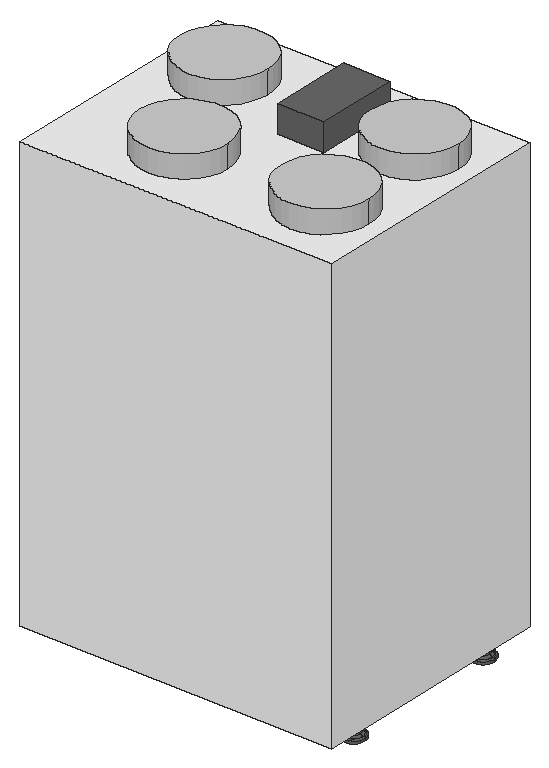
Revit family "BLAUBERG-KOMFORT_EC_SB250", category Mechanical Equipment, Revit 2019
Family settings
  Round Connector Dimension = Use Diameter
  Classification = None
  Part Type = Normal
  OmniClass Number = 23.75.35.14
  OmniClass Title = Air Handling Units
  Work Plane-Based = No
  Always vertical = Yes
  Cut with Voids When Loaded = No
  Shared = No
  Room Calculation Point = No
Parameters (values of type "KOMFORT EC SB250 S14")
  dLFeets = 22 mm
  dBFeets = 78 mm
  Weight = 51.00 kg
  Standard Service Side [instance] = no
  ServiceDoorB = 20 mm  # constant formula
  Service Side 2 [instance] = Standard Service Side  # no
  Service Side 1 [instance] = not(Standard Service Side)  # yes
  Maintenance Zone Side 2 [instance] = if(Maintenance Zone, (if(not(Standard Service Side), 1 = 1, 1 = 0)), 1 = 0)  # no
  Maintenance Zone Side 1 [instance] = if(Maintenance Zone, (if(Standard Service Side, 1 = 1, 1 = 0)), 1 = 0)  # no
  Plastic Material = Polypropylene Black
  Maximum Unit Power = 115 W
  Unit Current = 0.9 A
  Leveling Feets Height Calc [instance] = if(Leveling Feets Height < 23 mm, 23 mm, Leveling Feets Height)  # 23 mm
  Leveling Feets Height [instance] = 23 mm
  L3 = 110 mm
  L2 = 90 mm
  L1 = 110 mm
  Heat Exchanger Material = "polystyrene"
  HDuctCon = 41 mm  # constant formula
  H = 790 mm
  Front Maintenance Zone Width = H  # 790 mm
  Front Maintenance Zone Length = L  # 567 mm
  FilterCoverL = 82 mm  # constant formula
  FilterCoverH = 258 mm  # constant formula
  ElConB = 130 mm
  ElConA = 315 mm
  ElBoxB = 150 mm
  ElBoxA = 85 mm
  DrainPipeD = if(Drain Connection Diameter = 0 mm, 1 mm, Drain Connection Diameter)  # 18 mm
  DrainPipe = yes
  DrainConB = 136 mm
  Drain Flow [instance] = 0.0 L/s
  Drain Connection Diameter = 18 mm
  BackFeetD = 20 mm  # constant formula
  B3 = 136 mm
  B2 = 204 mm
  Air Flow Factor [instance] = 1  # constant formula
  B1 = 123 mm
  L = 567 mm
  Voltage = 230 V
  URL = "https://blaubergventilatoren.de/en/product/komfort-ec-sb250-s14"
  Type Comments = "Air Handling Unit KOMFORT EC SB250 S14"
  Transported Air Temperature (°C) = "-25…+40"
  Supply Air Filter = "G4,F7"
  Sound Pressure Level at 3 m (dBA) = 25
  SEC Class = "A+"
  RPM (min-1) = 2050
  Power Factor = 1
  Power = Maximum Unit Power  # 115 W
  Number of Poles = 1
  Model = "KOMFORT EC SB250 S14"
  Maximum Air Flow = 290 m³/h
  Manufacturer = "Blauberg"
  Maintenance Zone Material = Maintenance Zone
  Front Maintenance Zone Height = 500 mm
  Maintenance Zone [instance] = no
  Load Classification = HVAC
  B = 450 mm
  Heat recovery efficiency (%) = "85..94"
  Heat Exchanger Type = "counter-flow"
  Metal Material = Metal Zinc
  Family Version = "1.0"  # constant formula
  Extract Air Filter = "G4"
  Duct Connection Diameter = 160 mm
  Description = "Air Handling Unit"
  D = Duct Connection Diameter  # 160 mm
  Current = Unit Current  # 0.9 A
  Copyright = "©Blauberg"
  Casing Material = Painted Steel White
  Apparent Power [instance] = Power / Power Factor  # 115 VA
  Air Flow Supply [instance] = 0 m³/h
  Air Flow Exhaust [instance] = 0 m³/h
Types (4, lengths in mm): name | Heat Exchanger Material | DrainPipeD | DrainPipe | Drain Connection Diameter | URL | Type Comments | Model | Heat recovery efficiency (%)
  KOMFORT EC SB250 S21 | "polystyrene" | 18 | yes | 18 | "https://blaubergventilatoren.de/en/product/komfort-ec-sb250-e-s21" | "Air Handling Unit KOMFORT EC SB250 S21" | "KOMFORT EC SB250 S21" | "85..94"
  KOMFORT EC SB250 S14 | "polystyrene" | 18 | yes | 18 | "https://blaubergventilatoren.de/en/product/komfort-ec-sb250-s14" | "Air Handling Unit KOMFORT EC SB250 S14" | "KOMFORT EC SB250 S14" | "85..94"
  KOMFORT EC SB250-E S21 | "enthalpy" | 1 | no | 0 | "https://blaubergventilatoren.de/en/product/komfort-ec-sb250-e-s21" | "Air Handling Unit KOMFORT EC SB250-E S21" | "KOMFORT EC SB250-E S21" | "77..90"
  KOMFORT EC SB250-E S14 | "enthalpy" | 1 | no | 0 | "https://blaubergventilatoren.de/en/product/komfort-ec-sb250-e-s14" | "Air Handling Unit KOMFORT EC SB250-E S14" | "KOMFORT EC SB250-E S14" | "77..90"
Reference planes
  plane 1 "Center (Front/Back)": y = 0
  plane 2: z = 0
  plane 3 "Center (Left/Right)": x = 0
  plane 4 "Right": x = 283.5
  plane 5 "Front": y = -225
  plane 6 "Left": x = -283.5
  plane 7 "Top": z = 813
  plane 8 "Back": y = 225
  plane 9 "DuctConL2": x = -83.5
  plane 10 "DuctConB1": y = 102
  plane 11 "DuctConB2": y = -102
  plane 12 "DuctConB3": z = 854
  plane 13 "DuctConB4": z = 863
  plane 14 "Bottom": z = 23
  plane 15 "FeetsL1": x = -261.5
  plane 16 "FeetsL2": x = 261.5
  plane 17 "FeetsB1": y = 147
  plane 18 "FeetsB2": y = -147
  plane 19 "ElConA": x = 31.5
  plane 20 "FilterCoverH1": z = 281
  plane 21 "DuctConL3": x = 173.5
  plane 22 "DuctConL1": x = -173.5
  plane 23: x = -11
  plane 24: x = 74
  plane 25: y = 170
  plane 26: y = 20
  plane 27 "ElConB": y = 95
  plane 28 "FilterCoverL1": x = -201.5
  plane 29 "FilterCoverL2": x = 201.5
  plane 30 "ServiceDoorBack": y = 205
  plane 31 "ServiceDoorFront": y = -205
  plane 32 "DrainConB": x = -147.5
Forms (mm)
  Extrusion 1, solid, material "Painted Steel White" <- "Casing Material", detail levels medium+fine
    sketch origin (0, 377, 23) x (-1, 0, 0) y (0, -1, 0)
      loop
        line (283.5, 152) -> (283.5, 602) -> (-283.5, 602) -> (-283.5, 152) -> (283.5, 152)
    from 0 to 790
  Extrusion 2, solid, material "Metal Zinc" <- "Metal Material", detail levels medium+fine
    sketch origin (0, 0, 813) x (-1, 0, 0) y (0, -1, 0)
      loop
        circle (83.5, 102) r 80
      loop
        circle (-173.5, 102) r 80
      loop
        circle (-173.5, -102) r 80
      loop
        circle (173.5, -102) r 80
    from 0 to 41
  Extrusion 3, solid, material "Polypropylene Black" <- "Plastic Material", detail levels medium+fine
    sketch origin (0, 0, 813) x (-1, 0, 0) y (0, -1, 0)
      loop
        line (11, -170) -> (11, -20) -> (-74, -20) -> (-74, -170) -> (11, -170)
    from 0 to 50
  Extrusion 4, solid, material "Polypropylene Black" <- "Plastic Material", visible <- "DrainPipe", detail levels medium+fine
    sketch origin (0, 0, 23) x (-1, 0, 0) y (0, -1, 0)
      loop
        circle (147.5, 0) r 9
    from 0 to -35
Lines and regions (mm)
  model lines, detail levels coarse
    curve 1: line (-283.5, -225, 813) -> (-283.5, 225, 813)
    curve 2: line (283.5, -225, 813) -> (-283.5, -225, 813)
    curve 3: line (283.5, 225, 813) -> (283.5, -225, 813)
    curve 4: line (-283.5, -225, 23) -> (-283.5, 225, 23)
    curve 5: line (283.5, -225, 23) -> (-283.5, -225, 23)
    curve 6: line (283.5, 225, 23) -> (283.5, -225, 23)
    curve 7: line (-283.5, -225, 813) -> (283.5, -225, 813)
    curve 8: line (-283.5, -225, 23) -> (-283.5, -225, 813)
    curve 9: line (283.5, -225, 23) -> (-283.5, -225, 23)
    curve 10: line (283.5, -225, 813) -> (283.5, -225, 23)
    curve 11: line (-283.5, -225, 813) -> (-283.5, -225, 23)
    curve 12: line (283.5, -225, 813) -> (283.5, -225, 23)
    curve 13: line (-83.5, -102, 854) -> (-83.5, -102, 813)
    curve 14: line (-283.5, 225, 23) -> (283.5, 225, 23)
    curve 15: line (-283.5, 225, 813) -> (283.5, 225, 813)
    curve 16: line (-283.5, 225, 813) -> (-283.5, 225, 23)
    curve 17: line (283.5, 225, 813) -> (283.5, 225, 23)
    curve 18: line (-173.5, 102, 854) -> (-173.5, 102, 813)
    curve 19: line (173.5, 102, 854) -> (173.5, 102, 813)
    curve 20: line (173.5, -102, 854) -> (173.5, -102, 813)
Dimensions and locks
  "B": plane 8 "Back" to plane 5 "Front"
  equal spacing: plane 6 "Left", plane 3 "Center (Left/Right)", plane 4 "Right"
  "L": plane 6 "Left" to plane 4 "Right"
  "dBFeets": plane 8 "Back" to plane 17 "FeetsB1"
  "dBFeets": plane 18 "FeetsB2" to plane 5 "Front"
  "dLFeets": plane 6 "Left" to plane 15 "FeetsL1"
  "dLFeets": plane 16 "FeetsL2" to plane 4 "Right"
  "Leveling Feets Height Calc": plane 14 "Bottom" to level
  "HDuctCon": plane 12 "DuctConB3" to plane 7 "Top"
  "H": plane 7 "Top" to plane 14 "Bottom"
  "ElConA": plane 6 "Left" to plane 19 "ElConA"
  "B1": plane 11 "DuctConB2" to plane 5 "Front"
  "B2": plane 10 "DuctConB1" to plane 11 "DuctConB2"
  "L1": plane 6 "Left" to plane 22 "DuctConL1"
  equal spacing: plane 23, plane 19 "ElConA", plane 24
  "ElBoxA": plane 23 to plane 24
  "ElConB": plane 8 "Back" to plane 27 "ElConB"
  equal spacing: plane 25, plane 27 "ElConB", plane 26
  "ElBoxB": plane 25 to plane 26
  locked: plane 13 "DuctConB4" to plane 7 "Top" at 50
  "FilterCoverL": plane 6 "Left" to plane 28 "FilterCoverL1"
  "FilterCoverL": plane 29 "FilterCoverL2" to plane 4 "Right"
  "FilterCoverH": plane 20 "FilterCoverH1" to plane 14 "Bottom"
  "ServiceDoorB": plane 8 "Back" to plane 30 "ServiceDoorBack"
  "ServiceDoorB": plane 31 "ServiceDoorFront" to plane 5 "Front"
  "L2": plane 22 "DuctConL1" to plane 9 "DuctConL2"
  "L3": plane 21 "DuctConL3" to plane 4 "Right"
  equal spacing: plane 8 "Back", plane 1 "Center (Front/Back)", plane 5 "Front"
  "DrainConB": plane 6 "Left" to plane 32 "DrainConB"
  "D": diameter of Extrusion 2 sketch curve  (x4)
  "DrainPipeD": diameter of Extrusion 4 sketch curve
  aligned and locked: level to plane 2
  aligned and locked: plane 15 "FeetsL1" to nested 1
  aligned and locked: nested 1 to plane 17 "FeetsB1"
  aligned and locked: plane 16 "FeetsL2" to nested 2
  aligned and locked: nested 2 to plane 17 "FeetsB1"
  aligned and locked: nested 3 to plane 18 "FeetsB2"
  aligned and locked: plane 16 "FeetsL2" to nested 3
  aligned and locked: plane 15 "FeetsL1" to nested 4
  aligned and locked: nested 4 to plane 18 "FeetsB2"
  aligned and locked: Extrusion 1 sketch curve to plane 8 "Back"
  aligned and locked: plane 6 "Left" to Extrusion 1 sketch curve
  aligned and locked: plane 5 "Front" to Extrusion 1 sketch curve
  aligned and locked: Extrusion 1 sketch curve to plane 4 "Right"
  aligned and locked: plane 7 "Top" to Extrusion 1
  aligned and locked: plane 3 "Center (Left/Right)" to nested 5
  aligned and locked: nested 5 to plane 7 "Top"
  aligned and locked: curve 2 to Extrusion 1
  aligned and locked: curve 4 to curve 1
  aligned and locked: curve 5 to curve 2
  aligned and locked: curve 6 to nested 5
  aligned and locked: curve 8 to Extrusion 1
  aligned and locked: curve 10 to Extrusion 1
  aligned and locked: curve 11 to plane 5 "Front"
  aligned and locked: curve 12 to plane 5 "Front"
  aligned and locked: curve 13 to plane 11 "DuctConB2"
  aligned and locked: plane 12 "DuctConB3" to curve 13
  aligned and locked: plane 7 "Top" to curve 13
  aligned and locked: plane 8 "Back" to curve 3
  aligned and locked: plane 8 "Back" to curve 6
  aligned and locked: plane 6 "Left" to curve 14
  aligned and locked: curve 14 to plane 8 "Back"
  aligned and locked: plane 4 "Right" to curve 15
  aligned and locked: plane 6 "Left" to curve 15
  aligned and locked: curve 15 to plane 8 "Back"
  aligned and locked: plane 12 "DuctConB3" to Extrusion 2
  aligned and locked: Extrusion 3 sketch curve to plane 25
  aligned and locked: plane 23 to Extrusion 3 sketch curve
  aligned and locked: plane 26 to Extrusion 3 sketch curve
  aligned and locked: Extrusion 3 sketch curve to plane 24
  aligned and locked: plane 13 "DuctConB4" to Extrusion 3
  aligned and locked: plane 3 "Center (Left/Right)" to nested 6
  aligned and locked: nested 6 to plane 7 "Top"
  aligned and locked: plane 7 "Top" to curve 16
  aligned and locked: plane 14 "Bottom" to curve 16
  aligned and locked: plane 7 "Top" to curve 17
  aligned and locked: plane 14 "Bottom" to curve 17
  aligned and locked: plane 8 "Back" to curve 16
  aligned and locked: plane 8 "Back" to curve 17
  aligned and locked: plane 12 "DuctConB3" to curve 18
  aligned and locked: plane 12 "DuctConB3" to curve 19
  aligned and locked: plane 7 "Top" to curve 19
  aligned and locked: plane 7 "Top" to curve 18
  aligned and locked: curve 18 to plane 22 "DuctConL1"
  aligned and locked: curve 19 to plane 21 "DuctConL3"
  aligned and locked: plane 12 "DuctConB3" to curve 20
  aligned and locked: plane 7 "Top" to curve 20
  aligned and locked: curve 20 to plane 21 "DuctConL3"
  aligned and locked: plane 28 "FilterCoverL1" to nested 7
  aligned and locked: nested 7 to plane 20 "FilterCoverH1"
  aligned and locked: plane 29 "FilterCoverL2" to nested 8
  aligned and locked: plane 20 "FilterCoverH1" to nested 8
  aligned and locked: nested 9 to plane 29 "FilterCoverL2"
  aligned and locked: nested 9 to plane 20 "FilterCoverH1"
  aligned and locked: plane 20 "FilterCoverH1" to nested 10
  aligned and locked: nested 10 to plane 28 "FilterCoverL1"
Automatic sketch dimensions
  curve 11 to plane 14 "Bottom" = 0 mm
  curve 11 to plane 7 "Top" = 0 mm
  curve 12 to plane 14 "Bottom" = 0 mm
  curve 12 to plane 7 "Top" = 0 mm
  curve 10 to plane 14 "Bottom" = 0 mm
  curve 7 to plane 7 "Top" = 0 mm
  Extrusion 2 sketch curve to plane 11 "DuctConB2" = 0 mm  (x2)
  Extrusion 2 sketch curve to plane 21 "DuctConL3" = 0 mm  (x2)
  Extrusion 2 sketch curve to plane 10 "DuctConB1" = 0 mm  (x2)
  Extrusion 2 sketch curve to plane 9 "DuctConL2" = 0 mm
  Extrusion 2 sketch curve to plane 22 "DuctConL1" = 0 mm
  plane 1 "Center (Front/Back)" to Extrusion 4 sketch curve = 0 mm
  Extrusion 4 sketch curve to plane 32 "DrainConB" = 0 mm
Nested families
  nested 1: "LevellingFeet" at (-261.5, 147, 0), type "LevellingFeet", detail levels medium+fine
  nested 2: "LevellingFeet" at (261.5, 147, 0), type "LevellingFeet", detail levels medium+fine
  nested 3: "LevellingFeet" at (261.5, -147, 0), type "LevellingFeet", detail levels medium+fine
  nested 4: "LevellingFeet" at (-261.5, -147, 0), type "LevellingFeet", detail levels medium+fine
  nested 5: "MaintenanceZone_Rect" at (0, -225, 418) x (1, 0, 0) z (0, 1, 0), visible <- "Maintenance Zone Side 1", type "Front", detail levels medium+fine
    with Maintenance Zone Width 790 mm, Maintenance Zone Length 567 mm, Maintenance Zone Height 500 mm
  nested 6: "MaintenanceZone_Rect" at (0, 225, 418) x (1, 0, 0) z (0, -1, 0), visible <- "Maintenance Zone Side 2", type "Front", detail levels medium+fine
    with Maintenance Zone Width 790 mm, Maintenance Zone Length 567 mm, Maintenance Zone Height 500 mm
  nested 7: "FilterCover" at (-201.5, -225, 281) x (1, 0, 0) z (0, -1, 0), visible <- "Service Side 2", type "FilterCover", detail levels medium+fine
  nested 8: "FilterCover" at (201.5, -225, 281) x (-1, 0, 0) z (0, -1, 0), visible <- "Service Side 2", type "FilterCover", detail levels medium+fine
  nested 9: "FilterCover" at (201.5, 225, 281) x (-1, 0, 0) z (0, 1, 0), visible <- "Service Side 1", type "FilterCover", detail levels medium+fine
  nested 10: "FilterCover" at (-201.5, 225, 281) x (1, 0, 0) z (0, 1, 0), visible <- "Service Side 1", type "FilterCover", detail levels medium+fine
Connectors
  hvac at (-83.5, -102, 854), driven by "Duct Connection Diameter", driven by "Air Flow Supply"
    settings: on Extrusion 2, index 1, duct flow 0 m³/h, flow factor 0, pres drop 0.0 Pa, loss coef 0, conn angle 0.00°, conn width 304.8 mm, conn height 304.8 mm, conn diameter 160 mm, duct sys type 1, conn prof type 0, flow config 1, flow direction 1, loss method 0, conn ref index -1, conn util no, is conn primary yes, conn desc "Intake Air"
  hvac at (-173.5, 102, 854), driven by "Duct Connection Diameter", driven by "Air Flow Exhaust"
    settings: on Extrusion 2, index 2, duct flow 0 m³/h, flow factor 0, pres drop 0.0 Pa, loss coef 0, conn angle 0.00°, conn width 304.8 mm, conn height 304.8 mm, conn diameter 160 mm, duct sys type 3, conn prof type 0, flow config 1, flow direction 2, loss method 0, conn ref index -1, conn util no, is conn primary no, conn desc "Exhaust Air"
  hvac at (173.5, 102, 854), driven by "Duct Connection Diameter", driven by "Air Flow Exhaust"
    settings: on Extrusion 2, index 3, duct flow 0 m³/h, flow factor 0, pres drop 0.0 Pa, loss coef 0, conn angle 0.00°, conn width 304.8 mm, conn height 304.8 mm, conn diameter 160 mm, duct sys type 3, conn prof type 0, flow config 0, flow direction 1, loss method 0, conn ref index -1, conn util no, is conn primary no, conn desc "Extract Air"
  hvac at (173.5, -102, 854), driven by "Duct Connection Diameter", driven by "Air Flow Supply"
    settings: on Extrusion 2, index 4, duct flow 0 m³/h, flow factor 0, pres drop 0.0 Pa, loss coef 0, conn angle 0.00°, conn width 304.8 mm, conn height 304.8 mm, conn diameter 160 mm, duct sys type 1, conn prof type 0, flow config 0, flow direction 2, loss method 0, conn ref index -1, conn util no, is conn primary no, conn desc "Supply Air"
  electrical at (31.5, 95, 863), driven by "Number of Poles", driven by "Load Classification", driven by "Voltage", driven by "Apparent Power", driven by "Power Factor"
    settings: on Extrusion 3, index 6, voltage 230 V, apparent load 115 VA, apparent load phase1 0 VA, apparent load phase2 0 VA, apparent load phase3 0 VA, power factor 1, load classification "HVAC", number of poles 1, system type 30, power factor state 1, is connector primary yes, connector utility no, sub classification motor no, connector description ""
  piping at (-147.5, 0, -12), diameter 18, driven by "Drain Connection Diameter", driven by "Drain Flow"
    settings: on Extrusion 4, index 7, connector inside diameter 609.6 mm, connector length 0 mm, flow factor 0, pipe flow 0.0 L/s, pressure drop 0.0 Pa, fitting loss kfactor 0, connector angle 0.00°, fixture units 0, engagement length 0 mm, angle of deflection 0.00°, flow configuration 1, flow direction 2, fitting loss method 0, system type 16, joint type 0, gender type 0, connector reference index -1, connector utility 0, adjustable connector no, is connector primary yes, connector description "Drain"
Definition of nested family "LevellingFeet"
  Parameters (values of type "LevellingFeet")
    r2 = d2 / 2  # 9 mm
    r1 = d1 / 2  # 12 mm
    h2 = 15 mm
    h1 = 6 mm
    d3 = 8 mm
    d2 = 18 mm
    d1 = 24 mm
    R = D / 2  # 20.5 mm
    Material = none
    H = 23 mm
    Default Elevation = 1219.2 mm
    D = 41 mm
  Reference planes
    plane 1 "Center (Front/Back)": y = 0
    plane 2: z = 0
    plane 3 "Center (Left/Right)": x = 0
    plane 4: z = 6
    plane 5: x = -9
    plane 6: x = -20.5
    plane 7: x = -12
    plane 8: z = 21
    plane 9: z = 23
  Forms (mm)
    Revolve 1, solid, material <- "Material"
      sketch origin (0, 0, 0) x (1, 0, 0) y (0, 0, 1)
        loop
          line (0, 21) -> (-9, 21) -> (-11.354, 9.228)
          arc (-11.354, 9.228) -> (-12.746, 6.91) -> (-15.292, 6) r 4.016
          line (-15.292, 6) -> (-18.541, 6)
          arc (-18.541, 6) -> (-19.926, 5.426) -> (-20.5, 4.041) r 1.959
          line (-20.5, 4.041) -> (-20.5, 0) -> (0, 0) -> (0, 21)
        axis (0, 21) -> (0, 0)
      angle from 0 to 360
    Extrusion 2, solid, material <- "Material"
      sketch origin (0, 0, 0) x (1, 0, 0) y (0, 1, 0)
        loop
          circle (0, 0) r 4
      from 23 to 6
  Cuts and joins
    joined: Revolve 1, Extrusion 2
  Dimensions and locks
    "r2": plane 3 "Center (Left/Right)" to plane 5
    "R": plane 3 "Center (Left/Right)" to plane 6
    "r1": plane 3 "Center (Left/Right)" to plane 7
    "h2": plane 8 to plane 4
    "h1": plane 4 to level
    "H": plane 9 to level
    "d3": diameter of Extrusion 2 sketch curve
    aligned and locked: level to plane 2
    aligned and locked: Revolve 1 sketch curve to plane 3 "Center (Left/Right)"
    aligned and locked: plane 8 to Revolve 1 sketch curve
    aligned and locked: Extrusion 2 to plane 4
    aligned and locked: plane 9 to Extrusion 2
    aligned and locked: cut or joined group of Revolve 1, Extrusion 2 to level
  Automatic sketch dimensions
    Revolve 1 sketch curve to level = 0 mm
    Revolve 1 sketch curve to plane 6 = 0 mm
    Revolve 1 sketch curve to plane 4 = 0 mm
    Revolve 1 sketch curve to plane 5 = 0 mm
    Revolve 1 sketch curve to plane 3 "Center (Left/Right)" = 0 mm
    plane 6 to Revolve 1 sketch curve = 1.959 mm
    Revolve 1 sketch curve to plane 7 = 3.292 mm
    plane 7 to Revolve 1 sketch curve = 0.646 mm
    plane 4 to Revolve 1 sketch curve = 3.228 mm
    Revolve 1 sketch curve to level = 336.045 mm
    plane 9 to Revolve 1 sketch curve = 2172.315 mm
    plane 1 "Center (Front/Back)" to Extrusion 2 sketch curve = 0 mm
    Extrusion 2 sketch curve to plane 3 "Center (Left/Right)" = 0 mm
Definition of nested family "MaintenanceZone_Rect"
  Parameters (values of type "MaintenanceZone_Rect")
    Maintenance Zone Width = 500 mm
    Material = none
    Maintenance Zone Length = 1000 mm
    Maintenance Zone Height = 300 mm
    Family Version = ""
    Default Elevation = 1219.2 mm
    Copyright = ""
  Reference planes
    plane 1 "Center (Front/Back)": y = 0
    plane 2: z = 0
    plane 3 "Center (Left/Right)": x = 0
    plane 4: x = -500
    plane 5: x = 500
    plane 6: y = 250
    plane 7: y = -250
    plane 8: z = -300
  Forms (mm)
    Extrusion 1, solid, material <- "Material", detail levels medium+fine
      sketch origin (0, 0, 0) x (1, 0, 0) y (0, 1, 0)
        loop
          line (-500, 250) -> (-500, -250) -> (500, -250) -> (500, 250) -> (-500, 250)
      from 0 to -300
  Lines and regions (mm)
    symbolic lines, detail levels medium+fine
      curve 1: line (-500, 0, 0) -> (500, 0, 0)
      curve 2: line (-500, 0, -300) -> (-500, 0, 0)
      curve 3: line (500, 0, -300) -> (-500, 0, -300)
      curve 4: line (500, 0, 0) -> (500, 0, -300)
      curve 5: line (0, 250, 0) -> (0, -250, 0)
      curve 6: line (0, 250, -300) -> (0, 250, 0)
      curve 7: line (0, -250, -300) -> (0, 250, -300)
      curve 8: line (0, -250, 0) -> (0, -250, -300)
      curve 9: line (-500, 250, 0) -> (500, 250, 0)
      curve 10: line (-500, -250, 0) -> (-500, 250, 0)
      curve 11: line (500, -250, 0) -> (-500, -250, 0)
      curve 12: line (500, 250, 0) -> (500, -250, 0)
  Dimensions and locks
    equal spacing: plane 6, plane 1 "Center (Front/Back)", plane 7
    equal spacing: plane 4, plane 3 "Center (Left/Right)", plane 5
    "Maintenance Zone Width": plane 6 to plane 7
    "Maintenance Zone Length": plane 4 to plane 5
    "Maintenance Zone Height": plane 2 to plane 8
    aligned and locked: level to plane 2
    aligned and locked: Extrusion 1 sketch curve to plane 6
    aligned and locked: plane 4 to Extrusion 1 sketch curve
    aligned and locked: plane 7 to Extrusion 1 sketch curve
    aligned and locked: Extrusion 1 sketch curve to plane 5
    aligned and locked: Extrusion 1 to plane 8
    aligned and locked: curve 1 to Extrusion 1
    aligned and locked: curve 2 to Extrusion 1
    aligned and locked: curve 3 to Extrusion 1
    aligned and locked: curve 4 to Extrusion 1
    aligned and locked: curve 5 to Extrusion 1
    aligned and locked: curve 6 to Extrusion 1
    aligned and locked: curve 7 to Extrusion 1
    aligned and locked: curve 8 to Extrusion 1
    aligned and locked: curve 9 to Extrusion 1
    aligned and locked: curve 10 to Extrusion 1
    aligned and locked: curve 11 to Extrusion 1
    aligned and locked: curve 12 to Extrusion 1
Definition of nested family "FilterCover"
  Parameters (values of type "FilterCover")
    Material = none
    Default Elevation = 1219.2 mm
  Reference planes
    plane 1 "Center (Front/Back)": y = 0
    plane 2: z = 0
    plane 3 "Center (Left/Right)": x = 0
    plane 4: z = 14
    plane 5: z = 28
  Forms (mm)
    Extrusion 1, solid, material <- "Material"
      sketch origin (0, -98.5, 0) x (1, 0, 0) y (0, 1, 0)
        loop
          line (-25, 104.253) -> (-25, -106.5) -> (-15, -116.5) -> (15, -116.5) -> (25, -106.5) -> (25, 92.747) -> (-25, 104.253)
      from 0 to 14
    Extrusion 2, solid, material <- "Material"
      sketch origin (0, -98.5, 0) x (1, 0, 0) y (0, 1, 0)
        loop
          circle (0, 98.5) r 15
      from 14 to 28
    Extrusion 3, solid, material <- "Material"
      sketch origin (42.87, 88.681, 0) x (0.900319, -0.435231, 0) y (0.435231, 0.900319, 0)
        loop
          line (-25, -103.173) -> (25, -91.776) -> (25, 117.5) -> (15, 127.5) -> (-15, 127.5) -> (-25, 117.5) -> (-25, -103.173)
      from 0 to 14
  Dimensions and locks
    plane 4 to level = 14 mm  (x2)
    plane 5 to plane 4 = 14 mm  (x2)
    diameter of Extrusion 2 sketch curve = 30 mm
    aligned and locked: level to plane 2
    aligned and locked: Extrusion 1 to plane 4
    aligned and locked: plane 5 to Extrusion 2
    aligned and locked: Extrusion 2 to plane 4
    aligned and locked: plane 4 to Extrusion 3
